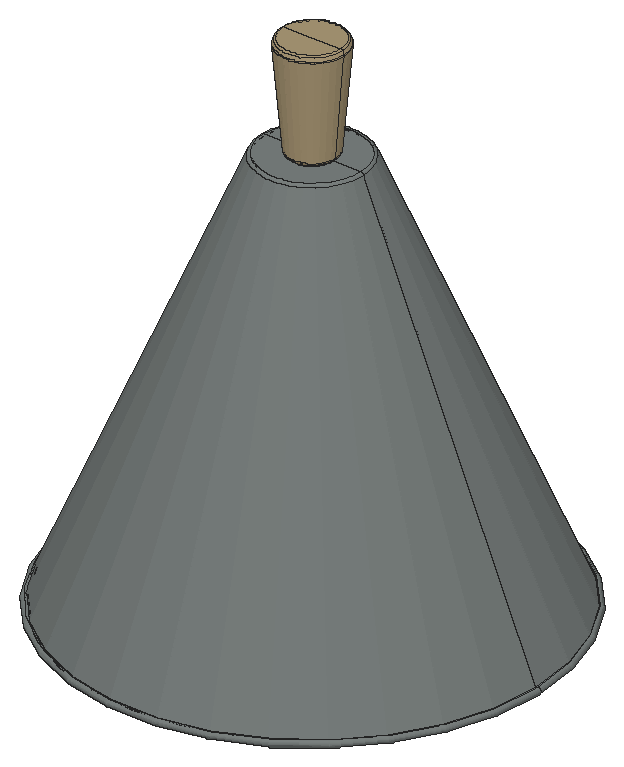
Revit family "CNW16.WH4", category Lighting Fixtures, Revit 2024
Family settings
  Round Connector Dimension = Use Diameter
  Part Type = Normal
  OmniClass Number = 23.80.70.00
  OmniClass Title = Lighting
  Work Plane-Based = No
  Always vertical = Yes
  Cut with Voids When Loaded = No
  Light Source = No
  Maintain Annotation Orientation = No
  Shared = No
  Room Calculation Point = No
Parameters
  Default Elevation = 0' - 0"
Reference planes (in)
  plane 1 "Light Source Axis (F/B)": y = 0
  plane 2: z = 0
  plane 3 "Light Source Axis (L/R)": x = 0
  plane 4 "Light Source Elevation": z = 54
Forms (in)
  Revolve 1, solid, material "WOOD"
    sketch origin (0, 0, 27.90076) x (1, 0, 0) y (0, 0, 1)
      loop
        line (0, 46.16351) -> (0, 42.10101) -> (0.78761, 42.10101)
        arc (0.78761, 42.10101) -> (0.81758, 42.10726) -> (0.84255, 42.12496) r 0.075
        line (0.84255, 42.12496) -> (0.90437, 42.1915)
        arc (0.90437, 42.1915) -> (0.91795, 42.21205) -> (0.92413, 42.23589) r 0.075
        arc (0.92413, 42.23589) -> (1.18159, 44.0871) -> (1.25798, 45.95457) r 19.21602
        arc (1.25798, 45.95457) -> (1.2556, 45.97549) -> (1.24889, 45.99546) r 0.1
        line (1.24889, 45.99546) -> (1.1919, 46.11977)
        arc (1.1919, 46.11977) -> (1.16423, 46.15164) -> (1.12373, 46.16351) r 0.075
        line (1.12373, 46.16351) -> (0, 46.16351)
      axis (0, 46.16351) -> (0, 42.10101)
    angle from 0 to 360
  Revolve 2, solid, material "74"
    sketch origin (0, 0, 0) x (1, 0, 0) y (0, 0, 1)
      loop
        line (0.41297, 70) -> (0.41297, 69.90625) -> (1.91297, 69.90625)
        arc (1.91297, 69.90625) -> (1.93152, 69.90015) -> (1.94283, 69.88423) r 0.03125
        line (1.94283, 69.88423) -> (8.7561, 54.16358)
        arc (8.7561, 54.16358) -> (8.94849, 54.02389) -> (8.875, 54.25) r 0.125
        line (8.875, 54.25) -> (8.82083, 54.25) -> (2.0302, 69.91838)
        arc (2.0302, 69.91838) -> (1.9844, 69.97759) -> (1.91297, 70) r 0.125
        line (1.91297, 70) -> (0.41297, 70)
      axis (0, 54.16358) -> (0, 70)
    angle from 0 to 360
Dimensions and locks (in)
  aligned and locked: level to plane 2
